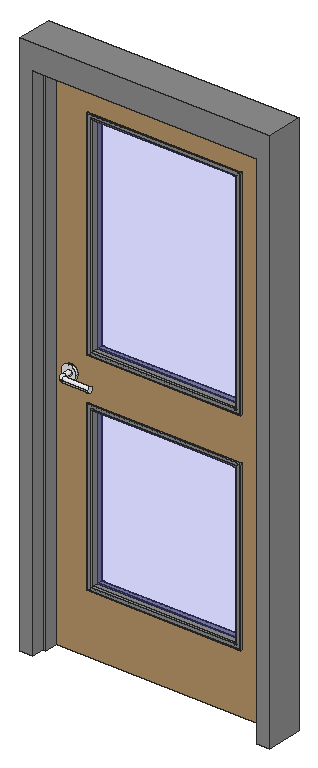
Revit family "533f8b5d1cee424d9760ce8abf6d22c8", category Doors, host Wall, Revit 2021
Family settings
  Host = Wall
  OmniClass Number = 23.30.10.00
  OmniClass Title = Doors
  Always vertical = Yes
  Cut with Voids When Loaded = No
  Shared = No
  Room Calculation Point = No
Parameters
  Visual Light Transmittance = 0
  Thickness = 1 3/4"
  Thermal Resistance (R) = 2.5876 (h·ft²·°F)/BTU
  Swing Angle [instance] = 90.00°
  Strike Height = 40"
  Solar Heat Gain Coefficient = 0
  Rough Width [instance] = Width + MF Opening Width  # 40"
  Rough Height [instance] = Height + MF Opening Height  # 88"
  Panel Material = Wood - Birch
  Masonry Frame [instance] = yes
  MF Opening Height [instance] = if(Masonry Frame, 4", 1 1/4")  # 4"
  MF Opening Width [instance] = if(Masonry Frame, 4", 2 1/2")  # 4"
  Heat Transfer Coefficient (U) = 0.3865 BTU/(h·ft²·°F)
  Glazing = Glass
  Glass Stop Material = Metal - Paint Finish - Grey
  Function = Exterior
  Inset Calculate [instance] = if(Masonry Frame, Masonry Inset + 3", 3")  # 4"
  Masonry Inset [instance] = 1"
  Height = 84"
  Wall Closure = By host
  Width = 36"
  Frame Material = Metal - Paint Finish - Grey
  Masonry Frame Depth = 5 3/4"
  Dry Wall Frame [instance] = not(Masonry Frame)  # no
  Door Handle Material = Aluminum
  Assembly Code = "B2030100"
  Analytic Construction = "Wooden"
Reference planes
  plane 1 "Center (Front/Back)": y = 0
  plane 2 "Center (Left/Right)": x = 0
  plane 3 "Left": x = -508
  plane 4 "Right": x = 508
  plane 5 "Top": z = 2235.2
  plane 6 "Exterior": y = 107.95
  plane 7 "Interior": y = -95.25
  plane 8 "Door Panel Left": x = -457.2
  plane 9 "Door Panel Right": x = 457.2
  plane 10 "Top Of Panel": z = 2133.6
  plane 11: z = 0
  plane 12: z = 0
  plane 13 "Door Back": y = 38.1
  plane 14: z = 1016
  plane 15 "Door Front": y = 82.55
  plane 16: y = -63.5
  plane 17: y = 33.337
  plane 18: x = -441.325
  plane 19: y = -14.288
  plane 20: z = 2184.4
  plane 21: y = 184.15
  plane 22: z = 2184.4
  plane 23: x = 476.25
  plane 24: x = 527.05
  plane 25: y = 120.65
  plane 26: y = -107.95
  plane 27: x = 460.375
  plane 28: y = 33.337
  plane 29: y = -4.763
  plane 30: z = 1981.2
  plane 31: z = 1111.25
  plane 32: x = -304.8
  plane 33: x = 304.8
  plane 34: y = 63.5
  plane 35: y = 57.15
  plane 36: y = 60.325
  plane 37: z = 920.75
  plane 38: z = 254
  plane 39: z = 6.35
  plane 40 "Glass": y = 60.325
Forms (mm)
  Extrusion 1, solid, material "Wood - Birch" <- "Panel Material"
    sketch origin (0, 0, 0) x (1, 0, 0) y (0, 0, 1)
      loop
        line (457.2, 2133.6) -> (-457.2, 2133.6) -> (-457.2, 0) -> (457.2, 0) -> (457.2, 2133.6)
      loop
        line (304.8, 1981.2) -> (-304.8, 1981.2) -> (-304.8, 1111.25) -> (304.8, 1111.25) -> (304.8, 1981.2)
      loop
        line (304.8, 920.75) -> (-304.8, 920.75) -> (-304.8, 254) -> (304.8, 254) -> (304.8, 920.75)
    from -82.55 to -38.1
  Sweep 2, solid, material "Metal - Paint Finish - Grey" <- "Frame Material", visible <- "Masonry Frame"
    path origin (0, 107.95, 0) x (1, 0, 0) y (0, 0, 1)
      loop
        line (508, 0) -> (508, 2184.4) -> (-508, 2184.4) -> (-508, 0)
    profile origin (-508, 107.95, 1092.2) x (0, -1, 0) y (1, 0, 0)
      loop
        line (25.4, 50.8) -> (25.4, 0) -> (171.45, 0) -> (171.45, 50.8) -> (122.237, 50.8) -> (122.237, 66.675) -> (74.612, 66.675) -> (74.612, 50.8) -> (25.4, 50.8)
  Extrusion 3, solid, material "Metal - Paint Finish - Grey" <- "Frame Material", visible <- "Masonry Frame"
    sketch origin (0, 0, 0) x (0, 1, 0) y (0, 0, 1)
      loop
        line (82.55, 2235.2) -> (-63.5, 2235.2) -> (-63.5, 2184.4) -> (82.55, 2184.4) -> (82.55, 2235.2)
    from -508 to 508
  Sweep 4, solid, material "Metal - Paint Finish - Grey" <- "Frame Material", visible <- "Dry Wall Frame"
    path origin (0, 107.95, 0) x (1, 0, 0) y (0, 0, 1)
      loop
        line (508, 0) -> (508, 2235.2) -> (-508, 2235.2) -> (-508, 0)
    profile origin (508, 107.95, 1117.6) x (-1, 0, 0) y (0, -1, 0)
      loop
        line (-19.05, -12.7) -> (31.75, -12.7) -> (31.75, 74.613) -> (47.625, 74.613) -> (47.625, 112.713) -> (31.75, 112.713) -> (31.75, 215.9) -> (-19.05, 215.9) -> (-19.05, 203.2) -> (0, 203.2) -> (0, 0) -> (-19.05, 0) -> (-19.05, -12.7)
  Extrusion 5, solid, material "Glass" <- "Glazing"
    sketch origin (0, 60.325, 0) x (1, 0, 0) y (0, 0, 1)
      loop
        line (304.8, 1981.2) -> (-304.8, 1981.2) -> (-304.8, 1111.25) -> (304.8, 1111.25) -> (304.8, 1981.2)
      loop
        line (304.8, 920.75) -> (-304.8, 920.75) -> (-304.8, 254) -> (304.8, 254) -> (304.8, 920.75)
    from -3.175 to 3.175
  Sweep 6, solid, material "Metal - Paint Finish - Grey" <- "Glass Stop Material", detail levels fine
    path origin (0, 82.55, 0) x (-1, 0, 0) y (0, 0, 1)
      loop
        line (-304.8, 1981.2) -> (-304.8, 1111.25) -> (304.8, 1111.25) -> (304.8, 1981.2) -> (-304.8, 1981.2)
    profile "Glazing Bead : Glazing Bead" origin (0, 82.55, 1981.2) x (0, 0, 1) y (0, 1, 0)
      loop
        line (0, 0) -> (8, 0) -> (8, 4)
        arc (8, 4) -> (7.414, 5.414) -> (6, 6) r 2
        line (6, 6) -> (-7, 6)
        arc (-7, 6) -> (-10.536, 4.536) -> (-12, 1) r 5
        line (-12, 1) -> (-12, -19.05) -> (0, -19.05) -> (0, 0)
  Sweep 7, solid, material "Metal - Paint Finish - Grey" <- "Glass Stop Material", detail levels fine
    path origin (0, 38.1, 0) x (-1, 0, 0) y (0, 0, 1)
      loop
        line (-304.8, 1111.25) -> (304.8, 1111.25) -> (304.8, 1981.2) -> (-304.8, 1981.2) -> (-304.8, 1111.25)
    profile "Glazing Bead : Glazing Bead" origin (0, 38.1, 1111.25) x (0, 0, 1) y (0, 1, 0)
      loop
        line (0, 0) -> (-8, 0) -> (-8, -4)
        arc (-8, -4) -> (-7.414, -5.414) -> (-6, -6) r 2
        line (-6, -6) -> (7, -6)
        arc (7, -6) -> (10.536, -4.536) -> (12, -1) r 5
        line (12, -1) -> (12, 19.05) -> (0, 19.05) -> (0, 0)
  Sweep 8, solid, material "Metal - Paint Finish - Grey" <- "Glass Stop Material", detail levels fine
    path origin (0, 82.55, 0) x (-1, 0, 0) y (0, 0, 1)
      loop
        line (-304.8, 920.75) -> (-304.8, 254) -> (304.8, 254) -> (304.8, 920.75) -> (-304.8, 920.75)
    profile "Glazing Bead : Glazing Bead" origin (0, 82.55, 920.75) x (0, 0, 1) y (0, 1, 0)
      loop
        line (0, 0) -> (8, 0) -> (8, 4)
        arc (8, 4) -> (7.414, 5.414) -> (6, 6) r 2
        line (6, 6) -> (-7, 6)
        arc (-7, 6) -> (-10.536, 4.536) -> (-12, 1) r 5
        line (-12, 1) -> (-12, -19.05) -> (0, -19.05) -> (0, 0)
  Sweep 9, solid, material "Metal - Paint Finish - Grey" <- "Glass Stop Material", detail levels fine
    path origin (0, 38.1, 0) x (-1, 0, 0) y (0, 0, 1)
      loop
        line (304.8, 920.75) -> (-304.8, 920.75) -> (-304.8, 254) -> (304.8, 254) -> (304.8, 920.75)
    profile "Glazing Bead : Glazing Bead" origin (0, 38.1, 920.75) x (0, 0, -1) y (0, 1, 0)
      loop
        line (0, 0) -> (-8, 0) -> (-8, -4)
        arc (-8, -4) -> (-7.414, -5.414) -> (-6, -6) r 2
        line (-6, -6) -> (7, -6)
        arc (7, -6) -> (10.536, -4.536) -> (12, -1) r 5
        line (12, -1) -> (12, 19.05) -> (0, 19.05) -> (0, 0)
Cuts and joins
  joined: Sweep 2, Extrusion 3
Lines and regions (mm)
  Opening 1
    outline origin (-2286, -95.25, 0) x (1, 0, 0) y (0, 0, 1)
      loop
        line (1778, 0) -> (2794, 0) -> (2794, 2235.2) -> (1778, 2235.2) -> (1778, 0)
  Masking region 1, visible <- "Masonry Frame", detail levels coarse+medium
    outline origin (0, 0, 0) x (1, 0, 0) y (0, 1, 0)
      loop
        line (-508, 82.55) -> (-508, -63.5) -> (-457.2, -63.5) -> (-457.2, 82.55) -> (-508, 82.55)
      loop
        line (508, 82.55) -> (457.2, 82.55) -> (457.2, -63.5) -> (508, -63.5) -> (508, 82.55)
  Masking region 2, visible <- "Masonry Frame", detail levels fine
    outline origin (0, 0, 0) x (1, 0, 0) y (0, 1, 0)
      loop
        line (-508, 82.55) -> (-508, -63.5) -> (-457.2, -63.5) -> (-457.2, -14.288) -> (-441.325, -14.288) -> (-441.325, 33.337) -> (-457.2, 33.337) -> (-457.2, 82.55) -> (-508, 82.55)
      loop
        line (508, 82.55) -> (457.2, 82.55) -> (457.2, 33.337) -> (441.325, 33.337) -> (441.325, -14.288) -> (457.2, -14.288) -> (457.2, -63.5) -> (508, -63.5) -> (508, 82.55)
  Masking region 3, visible <- "Dry Wall Frame", detail levels coarse+medium
    outline origin (0, 0, 0) x (1, 0, 0) y (0, 1, 0)
      loop
        line (476.25, -95.25) -> (508, -95.25) -> (508, 107.95) -> (476.25, 107.95) -> (476.25, -95.25)
      loop
        line (-508, 107.95) -> (-508, -95.25) -> (-476.25, -95.25) -> (-476.25, 107.95) -> (-508, 107.95)
  Masking region 4, visible <- "Dry Wall Frame", detail levels fine
    outline origin (0, 0, 0) x (1, 0, 0) y (0, 1, 0)
      loop
        line (-527.05, 120.65) -> (-527.05, 107.95) -> (-508, 107.95) -> (-508, -95.25) -> (-527.05, -95.25) -> (-527.05, -107.95) -> (-476.25, -107.95) -> (-476.25, -4.763) -> (-460.375, -4.763) -> (-460.375, 33.337) -> (-476.25, 33.337) -> (-476.25, 120.65) -> (-527.05, 120.65)
      loop
        line (527.05, 107.95) -> (527.05, 120.65) -> (476.25, 120.65) -> (476.25, 33.337) -> (460.375, 33.337) -> (460.375, -4.763) -> (476.25, -4.763) -> (476.25, -107.95) -> (527.05, -107.95) -> (527.05, -95.25) -> (508, -95.25) -> (508, 107.95) -> (527.05, 107.95)
  symbolic lines, style "Elevation Swing"
    curve 1: line (-457.2, 107.95, 2133.6) -> (457.2, 107.95, 1066.8)
    curve 2: line (457.2, 107.95, 1066.8) -> (-457.2, 107.95, 0)
  symbolic lines, style "DoorsGlassProjection"
    curve 3: line (0, 60.325, 254) -> (0, 60.325, 920.75)
  model lines, style "DoorsGlassProjection"
    curve 4: line (304.8, 82.55, 1981.2) -> (304.8, 82.55, 1111.25)
    curve 5: line (-304.8, 82.55, 1981.2) -> (-304.8, 82.55, 1111.25)
    curve 6: line (304.8, 82.55, 920.75) -> (304.8, 82.55, 254)
    curve 7: line (-304.8, 82.55, 920.75) -> (-304.8, 82.55, 254)
Text (mm)
  text "Exterior" at (-1904.17, 693.701, 0), in view "Ref. Level"
  text "Interior" at (-1904.17, -638.649, 0), in view "Ref. Level"
  text "Exterior" at (0, 1019.848, 3124.603), in view "Right"
  text "Interior" at (0, -1635.541, 3124.603), in view "Right"
  text "Interior" at (0, -787.806, 3124.376), in view "Left"
  text "Exterior" at (0, 1386.095, 3124.376), in view "Left"
Dimensions and locks
  equal spacing: plane 3 "Left", plane 2 "Center (Left/Right)", plane 4 "Right"
  "Rough Height": level to plane 5 "Top"
  equal spacing: plane 8 "Door Panel Left", plane 2 "Center (Left/Right)", plane 9 "Door Panel Right"
  "Width": plane 8 "Door Panel Left" to plane 9 "Door Panel Right"
  "Height": level to plane 10 "Top Of Panel"
  plane 11 to plane 12 = 0"
  "Rough Width": plane 3 "Left" to plane 4 "Right"
  equal spacing: plane 12, curve 2, plane 10 "Top Of Panel"
  "Thickness": plane 15 "Door Front" to plane 13 "Door Back"
  "Masonry Frame Depth": plane 15 "Door Front" to plane 16
  locked: plane 13 "Door Back" to plane 17 at 4.763
  locked: plane 16 to plane 19 at 49.213
  locked: plane 8 "Door Panel Left" to plane 18 at 15.875
  locked: plane 20 to plane 5 "Top" at 50.8
  locked: plane 6 "Exterior" to plane 21 at 76.2
  "Inset Calculate": plane 21 to plane 15 "Door Front"
  locked: plane 10 "Top Of Panel" to plane 22 at 50.8
  locked: plane 4 "Right" to plane 24 at 19.05
  locked: plane 6 "Exterior" to plane 25 at 12.7
  locked: plane 26 to plane 7 "Interior" at 12.7
  locked: plane 23 to plane 24 at 50.8
  plane 13 "Door Back" to plane 28 to plane 29 = 3/16" locked, 1 1/2" locked
  locked: plane 27 to plane 23 at 15.875
  "Strike Height": plane 11 to plane 14
  locked: plane 30 to plane 10 "Top Of Panel" at 152.4
  locked: plane 8 "Door Panel Left" to plane 32 at 152.4
  equal spacing: plane 15 "Door Front", plane 36, plane 13 "Door Back"
  locked: plane 36 to plane 35 at 3.175
  locked: plane 34 to plane 36 at 3.175
  locked: plane 33 to plane 9 "Door Panel Right" at 152.4
  locked: plane 37 to plane 31 at 190.5
  equal spacing: plane 37, plane 14, plane 31
  locked: plane 11 to plane 38 at 254
  locked: plane 11 to plane 39 at 6.35
  plane 15 "Door Front" to plane 13 "Door Back" = 1 3/4"
  equal spacing: plane 15 "Door Front", curve 3, plane 13 "Door Back"
  equal spacing: plane 15 "Door Front", plane 40 "Glass", plane 13 "Door Back"
  aligned and locked: plane 3 "Left" to Opening 1 sketch curve
  aligned and locked: plane 5 "Top" to Opening 1 sketch curve  (x2)
  aligned and locked: Opening 1 sketch curve to plane 4 "Right"
  aligned and locked: Opening 1 sketch curve to level
  aligned and locked: plane 6 "Exterior" to host wall
  aligned and locked: plane 7 "Interior" to host wall
  aligned and locked: plane 11 to level
  aligned and locked: Extrusion 1 sketch curve to plane 10 "Top Of Panel"
  aligned and locked: Extrusion 1 sketch curve to plane 8 "Door Panel Left"
  aligned and locked: plane 9 "Door Panel Right" to Extrusion 1 sketch curve
  aligned and locked: Extrusion 1 sketch curve to plane 12
  aligned and locked: Extrusion 1 to plane 13 "Door Back"
  aligned and locked: nested 1 to plane 9 "Door Panel Right"
  aligned and locked: nested 2 to plane 8 "Door Panel Left"
  aligned and locked: nested 2 to plane 14
  aligned and locked: plane 8 "Door Panel Left" to nested 3
  aligned and locked: nested 3 to plane 13 "Door Back"
  aligned and locked: plane 14 to nested 3
  aligned and locked: nested 1 to plane 15 "Door Front"
  aligned and locked: nested 2 to plane 15 "Door Front"
  aligned and locked: Extrusion 1 to nested 1
  aligned and locked: Sweep 2 sketch curve to plane 3 "Left"  (x2)
  aligned and locked: plane 11 to Sweep 2 sketch curve  (x2)
  aligned and locked: plane 18 to Sweep 2 sketch curve
  aligned and locked: plane 8 "Door Panel Left" to Sweep 2 sketch curve  (x2)
  aligned and locked: plane 17 to Sweep 2 sketch curve
  aligned and locked: Sweep 2 sketch curve to plane 19
  aligned and locked: Sweep 2 sketch curve to plane 16
  aligned and locked: Sweep 2 sketch curve to plane 15 "Door Front"
  aligned and locked: Sweep 2 sketch curve to plane 4 "Right"
  aligned and locked: plane 5 "Top" to Extrusion 3 sketch curve
  aligned and locked: Extrusion 3 sketch curve to plane 16
  aligned and locked: Extrusion 3 sketch curve to plane 15 "Door Front"
  aligned and locked: plane 20 to Extrusion 3 sketch curve
  aligned and locked: cut or joined group of Sweep 2, Extrusion 3 to plane 4 "Right"
  aligned and locked: plane 3 "Left" to cut or joined group of Sweep 2, Extrusion 3
  aligned and locked: Masking region 1 sketch curve to plane 15 "Door Front"
  aligned and locked: plane 8 "Door Panel Left" to Masking region 1 sketch curve
  aligned and locked: Masking region 1 sketch curve to plane 16
  aligned and locked: Masking region 1 sketch curve to plane 3 "Left"
  aligned and locked: plane 15 "Door Front" to Masking region 1 sketch curve
  aligned and locked: Masking region 1 sketch curve to plane 4 "Right"
  aligned and locked: plane 9 "Door Panel Right" to Masking region 1 sketch curve
  aligned and locked: plane 16 to Masking region 1 sketch curve
  aligned and locked: Masking region 2 sketch curve to plane 3 "Left"
  aligned and locked: Masking region 2 sketch curve to plane 16
  aligned and locked: plane 8 "Door Panel Left" to Masking region 2 sketch curve  (x2)
  aligned and locked: Masking region 2 sketch curve to plane 15 "Door Front"
  aligned and locked: Masking region 2 sketch curve to cut or joined group of Sweep 2, Extrusion 3  (x4)
  aligned and locked: plane 15 "Door Front" to Masking region 2 sketch curve
  aligned and locked: Masking region 2 sketch curve to plane 4 "Right"
  aligned and locked: plane 9 "Door Panel Right" to Masking region 2 sketch curve  (x2)
  aligned and locked: plane 16 to Masking region 2 sketch curve
  aligned and locked: cut or joined group of Sweep 2, Extrusion 3 to Masking region 2 sketch curve  (x2)
  aligned and locked: plane 22 to Sweep 2 sketch curve
  aligned and locked: plane 4 "Right" to Sweep 4 sketch curve
  aligned and locked: Sweep 4 sketch curve to plane 3 "Left"
  aligned and locked: plane 24 to Sweep 4 sketch curve  (x2)
  aligned and locked: Sweep 4 sketch curve to plane 7 "Interior"
  aligned and locked: Sweep 4 sketch curve to plane 26
  aligned and locked: Sweep 4 sketch curve to plane 23  (x2)
  aligned and locked: Sweep 4 sketch curve to plane 29
  aligned and locked: plane 27 to Sweep 4 sketch curve
  aligned and locked: plane 28 to Sweep 4 sketch curve
  aligned and locked: Sweep 4 sketch curve to plane 25
  aligned and locked: plane 6 "Exterior" to Sweep 4 sketch curve
  aligned and locked: Sweep 4 sketch curve to plane 4 "Right"
  aligned and locked: plane 5 "Top" to Sweep 4 sketch curve
  aligned and locked: Masking region 3 sketch curve to plane 6 "Exterior"
  aligned and locked: plane 7 "Interior" to Masking region 3 sketch curve
  aligned and locked: Masking region 3 sketch curve to plane 4 "Right"
  aligned and locked: Masking region 3 sketch curve to Sweep 4  (x2)
  aligned and locked: plane 6 "Exterior" to Masking region 3 sketch curve
  aligned and locked: Masking region 3 sketch curve to plane 3 "Left"
  aligned and locked: Masking region 3 sketch curve to plane 7 "Interior"
  aligned and locked: Masking region 4 sketch curve to plane 3 "Left"
  aligned and locked: Masking region 4 sketch curve to Sweep 4  (x13)
  aligned and locked: Masking region 4 sketch curve to plane 6 "Exterior"
  aligned and locked: plane 7 "Interior" to Masking region 4 sketch curve
  aligned and locked: Masking region 4 sketch curve to plane 4 "Right"
  aligned and locked: Masking region 4 sketch curve to plane 7 "Interior"
  aligned and locked: Sweep 4 to Masking region 4 sketch curve  (x5)
  aligned and locked: plane 6 "Exterior" to Masking region 4 sketch curve
  aligned and locked: plane 11 to Sweep 4 sketch curve  (x2)
  aligned and locked: Extrusion 1 sketch curve to plane 30
  aligned and locked: Extrusion 1 sketch curve to plane 32  (x2)
  aligned and locked: plane 31 to Extrusion 1 sketch curve
  aligned and locked: plane 33 to Extrusion 1 sketch curve  (x2)
  aligned and locked: Extrusion 5 sketch curve to plane 32  (x2)
  aligned and locked: plane 33 to Extrusion 5 sketch curve  (x2)
  aligned and locked: Extrusion 5 sketch curve to plane 30
  aligned and locked: plane 31 to Extrusion 5 sketch curve
  aligned and locked: Extrusion 5 to plane 34
  aligned and locked: Extrusion 5 to plane 35
  aligned and locked: plane 31 to Sweep 6 sketch curve
  aligned and locked: Sweep 6 sketch curve to plane 32
  aligned and locked: Sweep 6 sketch curve to plane 30
  aligned and locked: plane 33 to Sweep 6 sketch curve
  aligned and locked: Sweep 7 sketch curve to plane 30
  aligned and locked: plane 31 to Sweep 7 sketch curve
  aligned and locked: Sweep 7 sketch curve to plane 32
  aligned and locked: plane 33 to Sweep 7 sketch curve
  aligned and locked: plane 37 to Extrusion 1 sketch curve
  aligned and locked: Extrusion 1 sketch curve to plane 38
  aligned and locked: plane 37 to Extrusion 5 sketch curve
  aligned and locked: Extrusion 5 sketch curve to plane 38
  aligned and locked: plane 37 to Sweep 8 sketch curve
  aligned and locked: Sweep 8 sketch curve to plane 32
  aligned and locked: Sweep 8 sketch curve to plane 38
  aligned and locked: plane 33 to Sweep 8 sketch curve
  aligned and locked: plane 37 to Sweep 9 sketch curve
  aligned and locked: Sweep 9 sketch curve to plane 38
  aligned and locked: Sweep 9 sketch curve to plane 32
  aligned and locked: plane 33 to Sweep 9 sketch curve
  aligned and locked: plane 37 to curve 3
  aligned and locked: plane 38 to curve 3
  aligned and locked: curve 6 to plane 33
  aligned and locked: curve 4 to plane 33
  aligned and locked: curve 7 to plane 32
  aligned and locked: curve 5 to plane 32
  aligned and locked: plane 30 to curve 5
  aligned and locked: plane 30 to curve 4
  aligned and locked: plane 31 to curve 4
  aligned and locked: plane 31 to curve 5
  aligned and locked: plane 37 to curve 6
  aligned and locked: plane 37 to curve 7
  aligned and locked: plane 38 to curve 6
  aligned and locked: plane 38 to curve 7
Automatic sketch dimensions
  curve 2 to level = 0"
  plane 8 "Door Panel Left" to curve 2 = 0"
  plane 8 "Door Panel Left" to curve 1 = 0"
  plane 9 "Door Panel Right" to curve 2 = 0"
  curve 1 to plane 10 "Top Of Panel" = 0"
Nested families
  nested 1: "Door Swing-Single" at (457.2, 82.55, 0), Swing Angle <- "Swing Angle", type "Single"
    with Swing Visible yes, Swing Angle 90.00°, Actual Angle 90.00°
  nested 2: "Handle Lever" at (-607.2, 82.55, 1016), type "Standard", detail levels fine
  nested 3: "Handle Lever" at (-607.2, 38.1, 1016), type "Standard", detail levels fine
Definition of nested family "Handle Lever"
  Parameters (values of type "Standard")
    Material = none
    Handle Z Distance = 0"
    Handle X Distance = 2 61/64"
    Assembly Code = ""
    Analytic Construction = "<None>"
  Reference planes
    plane 1 "Center (Front/Back)": y = 0
    plane 2: z = 0
    plane 3 "Center (Left/Right)": x = 150
    plane 4: z = 0
    plane 5 "Handle C/L": x = 225.009
  Forms (mm)
    Extrusion 1, solid, material <- "Material"
      sketch origin (300, 0, 0) x (1, 0, 0) y (0, 0, -1)
        loop
          circle (-77.491, 0) r 30
      from 0 to 8
    Sweep 2, solid, material <- "Material"
      path origin (0, 0, 0) x (0, -1, 0) y (1, 0, 0)
        loop
          line (-8, 225.009) -> (-38, 225.009)
          arc (-38, 225.009) -> (-48.607, 229.403) -> (-53, 240.009) r 15
          line (-53, 240.009) -> (-53, 345.009)
      profile origin (225.009, 23, 0) x (1, 0, 0) y (0, 0, 1)
        loop
          circle (0, 0) r 10
  Dimensions and locks
    "Handle Z Distance": plane 4 to level
    Sweep 2 sketch curve to Sweep 2 sketch curve = 4.13386"
    "Handle X Distance": plane 5 "Handle C/L" to plane 3 "Center (Left/Right)"
    plane 5 "Handle C/L" to Sweep 2 sketch curve = 4.72441"
    aligned and locked: plane 4 to Extrusion 1 sketch curve
  Automatic sketch dimensions
    Sweep 2 sketch curve to profile plane = 0"  (x2)
    Sweep 2 sketch curve to plane 5 "Handle C/L" = 0"
    Sweep 2 sketch curve to plane 1 "Center (Front/Back)" = 2.08661"
    Sweep 2 sketch curve to plane 1 "Center (Front/Back)" = 0.31496"
    Extrusion 1 sketch curve to plane 5 "Handle C/L" = 0.09843"
    radius of Sweep 2 sketch curve = 0.3937"
    radius of Extrusion 1 sketch curve = 1.1811"
Definition of nested family "Door Swing-Single"
  Parameters
    Width = 36"
    Thickness = 1 3/4"
    Swing Visible [instance] = Swing Angle > 1.00°  # yes
    Swing Angle [instance] = 45.00°
    Assembly Code = ""
    Analytic Construction = "<None>"
    Actual Angle [instance] = if(Swing Angle < 1.00°, 1.00°, Swing Angle)  # 45.00°
  Reference planes
    plane 1 "Center (Front/Back)": y = 0
    plane 2: z = 0
    plane 3 "Center (Left/Right)": x = 0
    plane 4: x = -914.4
  Lines and regions (mm)
    Masking region 1
      outline origin (0, 0, 0) x (-0.707107, 0.707107, 0) y (-0.707107, -0.707107, 0)
        loop
          line (0, 0) -> (914.4, 0) -> (914.4, 44.45) -> (0, 44.45) -> (0, 0)
    symbolic lines
      curve 1: line (0, 0, 0) -> (-914.4, 0, 0)
    symbolic lines, visible <- "Swing Visible"
      curve 2: arc (-914.4, 0, 0) -> (-844.795, 349.926, 0) -> (-646.578, 646.578, 0) r 914.4
    reference lines
      curve 3: line (0, 0, 0) -> (-646.578, 646.578, 0)
    model lines
      curve 4: line (0, 0, 0) -> (0, 0, 25.4)
  Dimensions and locks
    "Width": plane 4 to plane 3 "Center (Left/Right)"
    locked: curve 2 to plane 3 "Center (Left/Right)"
    locked: curve 2 to plane 1 "Center (Front/Back)"
    "Width": curve 3 to curve 3
    "Thickness": Masking region 1 sketch curve to Masking region 1 sketch curve
    locked: curve 4 to plane 2 at 25.4
    "Width": radius of curve 2
    "Actual Angle": angle curve 2 to curve 2
    "Swing Angle": angle curve 3 to plane 1 "Center (Front/Back)"
    aligned and locked: curve 1 to plane 1 "Center (Front/Back)"
    aligned and locked: plane 3 "Center (Left/Right)" to curve 1
    aligned and locked: plane 3 "Center (Left/Right)" to curve 3
    aligned and locked: plane 1 "Center (Front/Back)" to curve 3
    aligned and locked: curve 3 to Masking region 1 sketch curve
    aligned and locked: Masking region 1 sketch curve to curve 3  (x2)
    aligned and locked: plane 3 "Center (Left/Right)" to curve 4
    aligned and locked: plane 2 to curve 4
